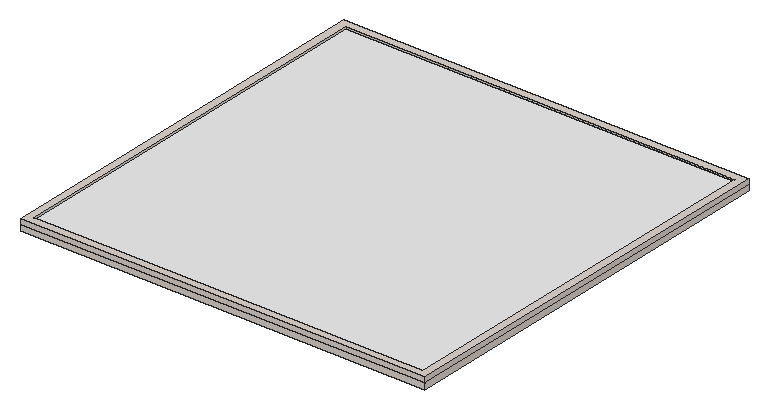
Revit family "SKY LED FLAT PANEL", category Lighting Fixtures, host Face, Revit 2020 (continued)
Types (13): name | Wattage | WATTS | built-in parameter 1150134 | Replaces/Equiv.(MH) | Photometric Web File | Order number | built-in parameter 1150142 | Model | built-in parameter 1150105 | Lumens | built-in parameter 1150107 | built-in parameter 1150106 | Fixture Width | Fixture Length | Default Elevation | Apparent Load
     1246.78  1243.37  1241.29  1236.71  1232.30  1227.26  1221.60  1214.72  1208.82  \r\n 1199.44  1192.91  1185.36  1175.47  1165.62  1157.04  1146.50  1135.85  1123.22  1111.58  \r\n 1100.80  1087.58  1074.15  1060.28  1047.95  1033.16  1018.16  1003.06  987.60   971.74   \r\n 956.00   940.40   923.05   906.84   889.57   873.14   854.59   837.00   818.55   800.02   \r\n 781.72   762.90   744.70   724.18   704.98   685.14   665.42   644.70   624.35   603.53   \r\n 583.18   562.40   541.55   520.40   498.59   477.70   456.12   434.31   413.00   391.47   \r\n 370.52   348.51   327.12   306.25   284.89   264.29   243.08   223.21   203.05   183.57   \r\n 164.09   145.60   127.11   108.93   91.95    75.11    59.44    44.47    30.70    17.22    \r\n 5.53     1.03     1.01     1.09     1.16     1.23     1.30     1.37     1.44     1.51     \r\n 1.58     1.64     1.71     1.77     1.84     1.89     1.95     2.00     2.05     2.09     \r\n 2.14     2.18     2.22     2.25     2.29     2.32     2.35     2.37     2.40     2.42     \r\n 2.44     2.45     2.47     2.49     2.50     2.51     2.51     2.52     2.53     2.54     \r\n 2.55     2.55     2.55     2.56     2.57     2.57     2.58     2.58     2.57     2.56     \r\n 2.55     2.57     2.58     2.58     2.59     2.59     2.60     2.60     2.61     2.62     \r\n 2.64     2.65     2.67     2.68     2.70     2.72     2.74     2.76     2.78     2.80     \r\n 2.82     2.84     2.86     2.89     2.90     2.92     2.94     2.96     2.98     3.00     \r\n 3.02     3.03     3.04     3.06     3.08     3.09     3.11     3.12     3.12     3.13     \r\n 3.15     \r\n1254.92  1255.64  1256.58  1257.24  1256.35  1255.72  1255.53  1254.30  1252.10  1249.96  \r\n 1247.90  1246.22  1244.19  1240.33  1233.98  1230.65  1226.37  1220.47  1212.95  1205.81  \r\n 1198.65  1191.78  1182.02  1172.71  1163.31  1153.98  1142.98  1131.82  1120.28  1108.57  \r\n 1096.53  1082.73  1070.23  1057.21  1042.72  1027.98  1013.54  997.78   982.75   966.70   \r\n 951.31   936.01   918.14   902.44   885.38   868.11   850.57   832.36   814.00   795.84   \r\n 777.53   758.35   739.99   720.70   701.00   680.61   660.80   640.75   620.84   600.48   \r\n 580.38   558.59   537.64   516.14   496.20   473.90   453.09   431.40   409.97   388.91   \r\n 366.70   346.16   324.66   304.05   282.28   261.82   241.05   220.86   201.19   181.58   \r\n 162.06   143.46   125.01   107.64   90.12    73.92    58.53    44.03    30.26    17.12    \r\n 5.30     1.00     0.99     1.07     1.14     1.23     1.30     1.38     1.45     1.52     \r\n 1.59     1.65     1.72     1.79     1.86     1.91     1.97     2.02     2.07     2.12     \r\n 2.16     2.20     2.25     2.28     2.32     2.36     2.39     2.42     2.45     2.48     \r\n 2.50     2.52     2.54     2.55     2.57     2.58     2.60     2.60     2.61     2.63     \r\n 2.64     2.64     2.65     2.65     2.63     2.62     2.61     2.61     2.63     2.64     \r\n 2.65     2.66     2.68     2.69     2.69     2.69     2.69     2.70     2.70     2.71     \r\n 2.72     2.73     2.73     2.74     2.75     2.77     2.78     2.79     2.81     2.83     \r\n 2.84     2.86     2.88     2.89     2.91     2.93     2.95     2.97     2.98     3.00     \r\n 3.02     3.04     3.05     3.07     3.08     3.09     3.11     3.12     3.13     3.14     \r\n 3.15     \r\n1254.92  1255.86  1257.94  1257.39  1256.71  1256.91  1255.27  1255.41  1252.93  1250.85  \r\n 1247.90  1245.01  1241.87  1238.30  1234.31  1231.31  1225.25  1218.83  1212.04  1205.71  \r\n 1198.84  1190.05  1181.88  1172.75  1161.12  1151.59  1141.52  1129.01  1117.97  1106.75  \r\n 1094.87  1080.86  1068.31  1055.27  1040.09  1027.40  1013.19  998.70   981.48   967.07   \r\n 951.79   935.78   918.58   901.82   885.62   868.32   850.10   832.88   815.47   796.52   \r\n 778.04   759.69   740.14   721.86   701.74   682.40   663.18   642.19   622.87   601.12   \r\n 581.26   560.83   540.18   518.52   498.56   475.97   455.66   433.59   412.66   390.66   \r\n 370.46   348.39   326.92   306.25   285.14   264.50   243.73   224.04   203.45   184.39   \r\n 164.85   146.48   128.11   110.15   93.10    76.34    60.74    45.68    31.94    18.61    \r\n 6.77     1.12     1.00     1.07     1.14     1.22     1.29     1.37     1.43     1.51     \r\n 1.57     1.64     1.71     1.78     1.84     1.90     1.96     2.01     2.06     2.11     \r\n 2.16     2.19     2.24     2.28     2.32     2.36     2.40     2.44     2.47     2.50     \r\n 2.53     2.55     2.57     2.60     2.62     2.63     2.65     2.66     2.68     2.69     \r\n 2.71     2.72     2.73     2.75     2.76     2.77     2.78     2.80     2.81     2.82     \r\n 2.83     2.85     2.86     2.88     2.88     2.89     2.89     2.89     2.89     2.88     \r\n 2.89     2.90     2.90     2.90     2.91     2.91     2.92     2.92     2.93     2.94     \r\n 2.95     2.96     2.97     2.97     2.98     2.99     3.00     3.01     3.02     3.03     \r\n 3.04     3.05     3.05     3.07     3.07     3.08     3.10     3.10     3.11     3.12     \r\n 3.15     \r\n1254.92  1257.32  1258.38  1257.04  1256.80  1256.49  1256.17  1254.56  1251.75  1250.10  \r\n 1248.82  1244.41  1242.34  1237.86  1232.25  1227.95  1221.81  1217.19  1210.92  1203.42  \r\n 1195.06  1187.31  1178.17  1168.18  1159.16  1147.47  1139.11  1127.16  1114.43  1102.50  \r\n 1091.88  1078.23  1064.45  1051.07  1037.79  1024.21  1008.13  993.60   978.56   964.25   \r\n 948.15   932.19   915.20   899.31   881.24   865.14   847.72   829.75   811.58   793.38   \r\n 775.84   757.25   737.77   719.25   699.34   679.23   660.43   639.96   618.83   599.65   \r\n 578.90   557.74   537.04   515.98   495.14   474.36   453.02   430.89   410.12   388.59   \r\n 367.53   346.26   325.07   304.17   282.72   262.28   241.69   222.02   201.64   182.67   \r\n 163.02   144.50   126.01   108.61   91.08    74.77    59.27    44.75    30.60    17.39    \r\n 5.90     1.08     1.03     1.09     1.16     1.24     1.31     1.38     1.45     1.53     \r\n 1.60     1.67     1.74     1.80     1.87     1.93     1.99     2.04     2.09     2.15     \r\n 2.20     2.24     2.29     2.33     2.37     2.41     2.44     2.48     2.51     2.55     \r\n 2.58     2.61     2.63     2.66     2.68     2.71     2.73     2.76     2.77     2.80     \r\n 2.82     2.84     2.86     2.88     2.89     2.91     2.93     2.95     2.97     2.99     \r\n 3.01     3.03     3.04     3.05     3.06     3.07     3.08     3.09     3.09     3.09     \r\n 3.09     3.09     3.08     3.08     3.08     3.08     3.08     3.08     3.08     3.08     \r\n 3.08     3.08     3.07     3.08     3.07     3.07     3.08     3.09     3.09     3.08     \r\n 3.09     3.09     3.09     3.09     3.09     3.09     3.10     3.10     3.10     3.10     \r\n 3.15     \r\n1254.92  1254.94  1254.11  1254.79  1254.55  1253.04  1252.55  1250.51  1247.95  1245.44  \r\n 1244.32  1239.24  1236.28  1232.20  1226.04  1222.44  1215.65  1211.08  1203.24  1196.39  \r\n 1188.08  1179.74  1171.73  1161.34  1152.74  1142.79  1132.41  1120.44  1108.67  1096.59  \r\n 1084.15  1072.40  1059.45  1046.91  1031.57  1018.22  1004.12  989.19   975.37   959.34   \r\n 943.85   928.66   912.86   895.88   878.82   862.02   845.34   827.05   809.47   791.56   \r\n 773.42   754.87   736.01   717.30   698.20   678.85   659.90   639.25   619.17   599.47   \r\n 579.16   558.58   537.59   516.34   496.28   474.79   453.86   432.47   411.83   389.97   \r\n 368.99   347.86   326.65   305.70   284.91   264.73   243.68   224.08   203.91   184.68   \r\n 165.67   147.30   128.93   111.04   94.10    77.38    61.62    46.50    32.53    18.93    \r\n 7.35     1.11     1.03     1.09     1.16     1.23     1.30     1.37     1.44     1.51     \r\n 1.58     1.64     1.71     1.78     1.85     1.91     1.98     2.03     2.09     2.15     \r\n 2.20     2.25     2.30     2.35     2.39     2.43     2.48     2.51     2.54     2.58     \r\n 2.61     2.64     2.67     2.69     2.72     2.75     2.77     2.80     2.82     2.85     \r\n 2.87     2.90     2.92     2.94     2.97     2.99     3.02     3.04     3.07     3.09     \r\n 3.12     3.15     3.17     3.18     3.19     3.21     3.22     3.23     3.24     3.24     \r\n 3.25     3.26     3.26     3.26     3.26     3.25     3.25     3.24     3.24     3.24     \r\n 3.23     3.22     3.22     3.21     3.21     3.20     3.20     3.20     3.19     3.19     \r\n 3.19     3.19     3.18     3.18     3.18     3.17     3.17     3.17     3.17     3.16     \r\n 3.15     \r\n1254.92  1256.39  1255.39  1255.13  1255.25  1253.39  1251.81  1249.25  1245.65  1245.02  \r\n 1240.11  1237.24  1232.33  1228.82  1224.11  1217.35  1211.89  1204.57  1198.43  1191.89  \r\n 1184.65  1175.64  1167.16  1158.82  1149.08  1137.64  1126.82  1116.89  1103.99  1093.07  \r\n 1080.15  1067.32  1054.98  1042.35  1028.65  1013.72  999.91   986.61   972.00   956.00   \r\n 940.02   924.66   908.58   891.38   876.02   858.04   841.58   824.62   806.28   787.53   \r\n 769.80   751.42   732.94   714.56   694.92   675.73   656.12   635.71   616.74   595.72   \r\n 575.35   554.83   534.80   513.67   493.15   472.45   451.59   429.57   408.92   387.21   \r\n 366.02   345.27   323.62   303.51   282.54   262.29   241.46   221.80   202.18   182.94   \r\n 163.50   145.27   127.02   109.46   92.16    75.84    60.80    45.78    31.46    17.77    \r\n 6.25     1.19     1.02     1.08     1.15     1.22     1.29     1.36     1.43     1.50     \r\n 1.57     1.64     1.70     1.77     1.84     1.90     1.97     2.03     2.10     2.16     \r\n 2.22     2.27     2.33     2.37     2.42     2.46     2.50     2.54     2.58     2.61     \r\n 2.65     2.68     2.71     2.73     2.77     2.79     2.82     2.84     2.87     2.89     \r\n 2.92     2.95     2.97     3.00     3.03     3.06     3.08     3.11     3.15     3.18     \r\n 3.21     3.23     3.25     3.28     3.30     3.33     3.34     3.36     3.37     3.39     \r\n 3.39     3.40     3.41     3.41     3.41     3.41     3.40     3.39     3.39     3.38     \r\n 3.37     3.37     3.36     3.36     3.35     3.34     3.33     3.32     3.32     3.31     \r\n 3.30     3.29     3.28     3.28     3.27     3.26     3.25     3.24     3.23     3.22     \r\n 3.15     \r\n1254.92  1256.41  1253.89  1254.42  1252.38  1250.18  1249.22  1247.87  1244.20  1242.59  \r\n 1237.35  1235.33  1229.74  1225.90  1221.22  1214.47  1209.16  1201.51  1196.79  1187.82  \r\n 1182.23  1173.91  1165.54  1155.49  1146.97  1135.36  1126.14  1114.26  1104.45  1091.25  \r\n 1078.52  1067.20  1054.41  1040.86  1028.84  1013.90  1000.19  985.94   970.88   956.60   \r\n 939.78   924.33   908.25   892.92   876.17   858.95   842.26   825.69   807.17   789.00   \r\n 771.25   751.95   734.06   714.33   696.55   677.03   656.63   636.75   617.37   597.11   \r\n 577.00   555.51   536.24   514.79   494.74   473.50   451.92   431.43   410.40   388.63   \r\n 368.42   346.88   325.86   305.27   284.02   264.13   243.70   223.98   204.42   185.20   \r\n 166.14   147.93   129.72   111.88   95.07    78.36    62.71    47.53    33.24    19.37    \r\n 7.39     1.19     1.01     1.06     1.13     1.20     1.26     1.33     1.40     1.47     \r\n 1.54     1.60     1.67     1.74     1.80     1.87     1.93     1.99     2.06     2.12     \r\n 2.18     2.24     2.30     2.36     2.41     2.46     2.50     2.54     2.58     2.62     \r\n 2.65     2.68     2.71     2.74     2.77     2.80     2.83     2.86     2.88     2.91     \r\n 2.93     2.95     2.98     3.00     3.02     3.05     3.08     3.10     3.14     3.17     \r\n 3.20     3.23     3.26     3.30     3.33     3.36     3.39     3.42     3.44     3.46     \r\n 3.48     3.49     3.51     3.52     3.53     3.54     3.54     3.54     3.54     3.53     \r\n 3.52     3.51     3.50     3.49     3.48     3.47     3.46     3.45     3.44     3.43     \r\n 3.42     3.41     3.40     3.39     3.38     3.37     3.36     3.35     3.34     3.33     \r\n 3.15     \r\n1254.92  1254.64  1254.28  1253.29  1252.29  1251.48  1249.26  1244.77  1243.48  1239.67  \r\n 1234.84  1232.20  1227.71  1222.87  1216.81  1210.92  1206.40  1199.96  1192.26  1183.93  \r\n 1176.74  1168.25  1159.83  1150.20  1141.85  1132.27  1120.18  1110.00  1099.58  1087.11  \r\n 1075.28  1062.99  1050.48  1037.99  1024.32  1011.17  997.48   982.80   967.91   951.81   \r\n 938.10   922.30   906.05   889.74   872.89   855.53   839.86   822.11   803.28   786.27   \r\n 767.24   749.75   731.13   712.58   693.12   673.56   654.13   633.87   613.70   594.20   \r\n 574.62   553.73   533.35   511.82   490.71   470.94   449.03   428.17   407.25   386.23   \r\n 365.39   344.51   323.67   303.06   282.06   261.68   241.43   221.70   201.91   183.25   \r\n 164.08   145.79   127.68   110.39   93.09    76.93    61.86    46.79    32.17    18.23    \r\n 6.00     1.16     1.01     1.03     1.10     1.18     1.25     1.32     1.39     1.46     \r\n 1.53     1.60     1.66     1.73     1.80     1.86     1.92     1.98     2.05     2.10     \r\n 2.16     2.23     2.28     2.34     2.39     2.45     2.49     2.54     2.58     2.61     \r\n 2.65     2.68     2.72     2.75     2.77     2.80     2.83     2.86     2.87     2.90     \r\n 2.92     2.95     2.97     2.99     3.02     3.04     3.06     3.09     3.12     3.14     \r\n 3.17     3.20     3.23     3.26     3.29     3.33     3.35     3.38     3.42     3.44     \r\n 3.47     3.49     3.52     3.54     3.55     3.57     3.57     3.59     3.59     3.59     \r\n 3.58     3.58     3.58     3.57     3.57     3.57     3.56     3.56     3.55     3.55     \r\n 3.54     3.53     3.53     3.53     3.52     3.51     3.50     3.49     3.48     3.46     \r\n 3.15     \r\n1254.92  1256.38  1256.53  1255.07  1253.18  1250.76  1249.33  1246.21  1243.93  1240.12  \r\n 1237.27  1233.73  1228.82  1223.68  1217.49  1212.12  1205.52  1199.73  1192.21  1184.59  \r\n 1176.48  1168.14  1159.05  1149.48  1140.82  1130.46  1120.82  1110.94  1099.88  1087.38  \r\n 1075.18  1062.47  1051.67  1038.16  1026.11  1012.49  998.06   983.95   969.11   954.15   \r\n 940.34   924.79   908.29   891.77   876.16   859.50   842.71   825.18   808.30   789.17   \r\n 772.12   753.06   734.50   715.96   697.84   677.88   658.02   638.30   618.26   598.08   \r\n 578.55   557.54   536.82   515.85   494.81   474.40   453.15   432.07   411.03   389.80   \r\n 369.44   348.17   327.26   306.64   285.73   265.77   244.78   225.42   205.62   186.45   \r\n 167.53   149.19   130.85   113.10   96.25    79.64    63.99    48.72    34.11    19.62    \r\n 7.00     1.11     0.98     1.01     1.08     1.15     1.22     1.30     1.36     1.43     \r\n 1.50     1.57     1.64     1.70     1.77     1.84     1.90     1.96     2.02     2.08     \r\n 2.15     2.20     2.26     2.32     2.37     2.43     2.48     2.52     2.56     2.60     \r\n 2.64     2.68     2.71     2.74     2.76     2.79     2.82     2.86     2.88     2.90     \r\n 2.93     2.95     2.97     3.00     3.02     3.04     3.06     3.09     3.11     3.14     \r\n 3.16     3.19     3.21     3.25     3.27     3.30     3.33     3.36     3.39     3.42     \r\n 3.45     3.48     3.51     3.53     3.55     3.58     3.59     3.60     3.60     3.61     \r\n 3.60     3.60     3.59     3.59     3.58     3.57     3.57     3.56     3.57     3.56     \r\n 3.56     3.56     3.55     3.55     3.54     3.55     3.54     3.54     3.54     3.54     \r\n 3.15     \r\n1254.92  1254.61  1254.84  1254.19  1253.31  1250.58  1247.96  1245.22  1242.67  1238.80  \r\n 1235.26  1231.59  1225.56  1220.66  1214.58  1209.59  1202.51  1196.19  1188.74  1180.77  \r\n 1172.12  1166.36  1154.81  1147.64  1136.89  1127.23  1118.30  1105.33  1096.60  1083.64  \r\n 1071.93  1060.20  1047.70  1035.17  1022.76  1008.81  995.13   979.86   965.96   951.59   \r\n 935.78   921.95   906.37   890.04   871.85   856.67   839.00   822.79   804.41   786.81   \r\n 768.68   752.14   732.47   714.23   694.76   676.18   656.38   636.02   617.04   596.62   \r\n 576.58   556.06   535.38   514.08   494.36   473.27   452.48   430.37   409.85   388.34   \r\n 367.40   346.43   325.70   304.55   283.56   263.61   243.13   223.27   203.52   184.41   \r\n 165.28   146.97   128.66   111.26   94.01    77.63    62.42    47.22    32.20    17.69    \r\n 5.02     1.08     0.96     1.00     1.07     1.14     1.22     1.29     1.36     1.43     \r\n 1.50  
